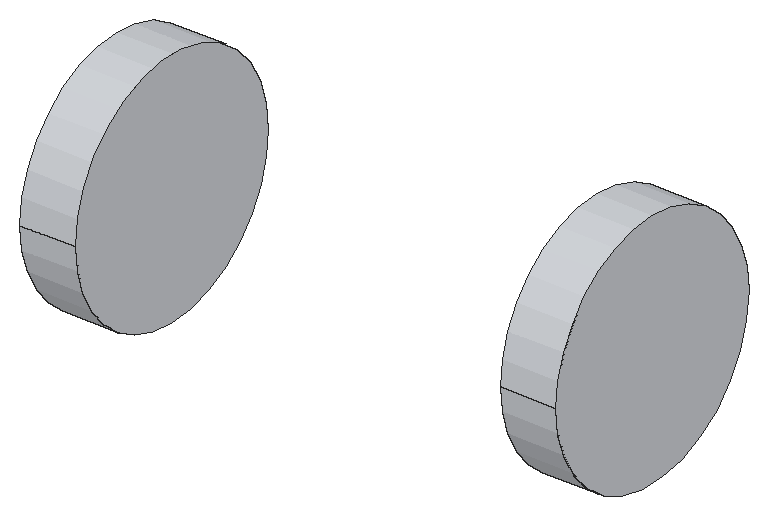
Revit family "SENT250S", category Mechanical Equipment, Revit 2013
Parameters
  Width (including controller) = "453mm"
  Width (excluding controller) = "360mm"
  Weight = "13Kg"
  Warranty period = "Unit 2 years,Motor 5 years"
  Spigot Diameter = "250mm"
  Product Description = "Sentinel D-Box Single Fan"
  Part Number = "SENT250S"
  Options = "Weatherproofed and Constant Pressure options"
  Operational and Maintenance Manual = "http://www.vent-axia.com/files/pdf-downloads/432395.pdf"
  Operating Temperature = "(-10C to +40C)"
  Motor Rating = "160 Watts (max)"
  Manufacturer - Website = "www.vent-axia.com"
  Manufacturer - Name = "Vent-Axia Ltd"
  Manufacturer - Email = "sales@vent-axia.com"
  Manufacturer - Contact Phone = "0844 856 0590"
  Manufacturer - Address = "Fleming Way, Crawley, West Sussex RH10 9YX"
  Length (including Spigots) = "531mm"
  Length (excluding Spigots) = "435mm"
  IP Rating  Internal = "IPX2"
  IP Rating  External (WP) = "IPX5"
  Height = "287mm"
  Country of Manufacture = "UK"
  Category = "Sentinel D-Box Single Fan"
  AC Voltage Input = "220-240 V AC (single phase))"
  AC Frequency Input = "50Hz nominal"
Reference planes
  plane 1 "Center (Front/Back)": y = 0
  plane 2: z = 0
  plane 3 "Center (Left/Right)": x = 0
  plane 4 "1": x = -265
  plane 5 "2": x = 265
  plane 6: y = 180
  plane 7: y = -180
Forms (mm)
  Extrusion 1, solid
    sketch origin (-265, 0, 0) x (0, 1, 0) y (0, 0, 1)
      loop
        circle (-34.721, 142.646) r 125
    from 0.17 to 58.042
  Extrusion 2, solid
    sketch origin (265, 0, 0) x (0, 1, 0) y (0, 0, 1)
      loop
        circle (0, 142.395) r 125
    from -57.872 to 0
Connectors
  hvac at (265, 0, 142.395)
    settings: on Extrusion 2, index 1, duct flow 0.0 L/s, flow factor 0, pres drop 0.0 Pa, loss coef 0, conn angle 0.00°, conn width 304.8 mm, conn height 304.8 mm, conn radius 125 mm, duct sys type 2, conn prof type 0, flow config 0, flow direction 1, loss method 0, conn ref index -1, conn util no, is conn primary yes, conn desc ""
  hvac at (-264.83, -34.721, 142.646)
    settings: on Extrusion 1, index 2, duct flow 0.0 L/s, flow factor 0, pres drop 0.0 Pa, loss coef 0, conn angle 0.00°, conn width 304.8 mm, conn height 304.8 mm, conn radius 125 mm, duct sys type 3, conn prof type 0, flow config 0, flow direction 2, loss method 0, conn ref index -1, conn util no, is conn primary no, conn desc ""
